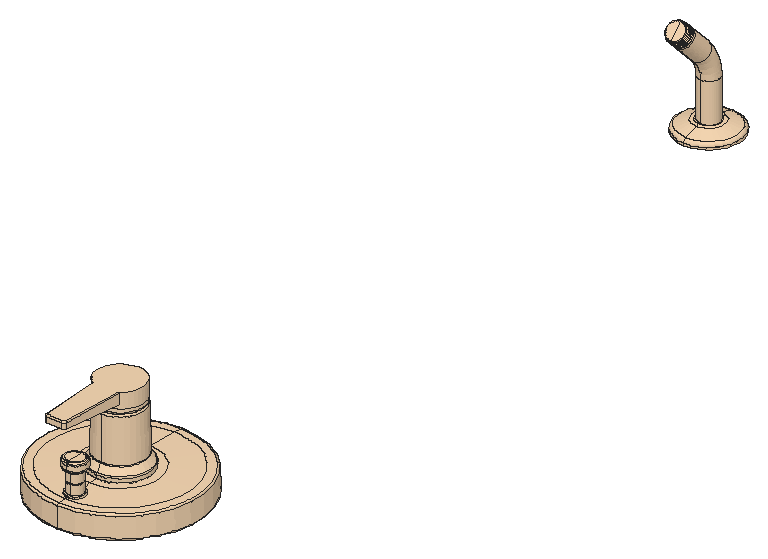
Revit family "Shower-Shower_Trim-KOHLER-Pitch-K-T49989_1", category Plumbing Fixtures, host Face, Revit 2021
Family settings
  Host = Face
  Round Connector Dimension = Use Diameter
  Part Type = Normal
  OmniClass Number = 23.31.17.00
  OmniClass Title = Showers
  Cut with Voids When Loaded = No
  Shared = No
  Room Calculation Point = No
Parameters (values of type "2MB-Vibrant Brushed Moderne Brass")
  Width = 6 3/8"  # constant formula
  WaterSense Certified = 1 = 0  # no
  Waste Water Outlet = "Waste Water Outlet"  # constant formula
  Waste Connection = 1 = 0  # no
  Vent Connection = 1 = 0  # no
  URL = "https://www.us.kohler.com/us/"
  Type = 1
  Tempered Water Inlet = "Tempered Water Inlet"  # constant formula
  Product Page URL = "http://www.us.kohler.com/us/catalog/productDetails.jsp?productNumber=T49989-4L"
  Product Name = "Pitch"  # constant formula
  Product Documentation Link = "https://www.us.kohler.com/webassets/kpna/catalog/pdf/en/K-T49989-4L_spec_US-CA_Kohler_en.pdf"
  Pressure = 0.00 psi
  Model = if(Type = 1, "K-T49989-4L-2MB", if(Type = 2, "K-T49989-4L-BL", if(Type = 3, "K-T49989-4L-BN", if(Type = 4, "K-T49989-4L-CP", "NA"))))  # "K-T49989-4L-2MB"
  Material = "Premium Metal Construction"  # constant formula
  Master Format 2014 Name = "Residential Showers"  # constant formula
  Master Format 2014 = "22 42 23"  # constant formula
  Manufacturer Address = "444 Highland Dr, Kohler, WI 53044"  # constant formula
  Manufacturer = "Kohler Co."  # constant formula
  Length = 4 47/128"  # constant formula
  Hot Water Inlet = "Hot Water Inlet"  # constant formula
  Height = 6 49/128"  # constant formula
  Handle Clearance = 3 45/128"  # constant formula
  HW Connection = 1 = 1  # yes
  Flow Rate = 0 GPM
  Finish = Kohler-Metal-2MB-Vibrant_Brushed_Moderne_Brass
  Environmental Product Declaration = ""
  Drain Included = 1 = 0  # no
  Distance To Showerarm [instance] = 30"
  Description = "Rite Shower Trim With Diverter Less Head"  # constant formula
  Default Elevation = 42"
  Declare Label = ""
  Date Modified = "06/30/2023"  # constant formula
  Date Created = "06/30/2023"  # constant formula
  Copyright = "Copyright Kohler Co."  # constant formula
  Contact Us = "https://www.us.kohler.com/us/static/contact.jsp"
  Cold Water Inlet = "Cold Water Inlet"  # constant formula
  CW Connection = 1 = 0  # no
  Assembly Code = "D2010700"
  ADA Compliant = 1 = 0  # no
Types (5): name | Type | Model | Finish
  (no name) | 1 | "K-T49989-4L-2MB" | Kohler-Metal-2MB-Vibrant_Brushed_Moderne_Brass
  CP-Polished Chrome | 4 | "K-T49989-4L-CP" | Kohler-Metal-CP-Polished_Chrome
  BN-Vibrant Brushed Nickel | 3 | "K-T49989-4L-BN" | Kohler-Metal-BN-Vibrant_Brushed_Nickel
  BL-Matte Black | 2 | "K-T49989-4L-BL" | Kohler-Metal-BL-Matte_Black
  2MB-Vibrant Brushed Moderne Brass | 1 | "K-T49989-4L-2MB" | Kohler-Metal-2MB-Vibrant_Brushed_Moderne_Brass
Reference planes (in)
  plane 1 "Center (Front/Back)": y = 0
  plane 2: z = 0
  plane 3 "Center (Left/Right)": x = 0
  plane 4: y = 30
  plane 5: x = -3.18726
  plane 6: x = 3.18774
  plane 7: y = 31.26138
  plane 8: y = 28.73862
  plane 9: y = 28.0348
  plane 10: x = -1.26138
  plane 11: x = 1.26138
  plane 12: z = 4.11456
  plane 13: y = -2.3
  plane 14: y = 3.19075
  plane 15: y = -3.19206
  plane 16: y = 1.18802
  plane 17: y = -1.18802
  plane 18: y = -1.84689
  plane 19: y = -2.75311
  plane 20: y = -3.35156
  plane 21: y = 28.3069
  plane 22: z = 2.25518
  plane 23: z = 4.63279
  plane 24: x = -0.96195
  plane 25: x = 0.96195
  plane 26: z = 4.36719
Dimensions and locks (in)
  "Distance To Showerarm": plane 4 to plane 1 "Center (Front/Back)"
  plane 18 to plane 13 to plane 19 = 29/64" locked, 29/64" locked
  plane 16 to plane 1 "Center (Front/Back)" to plane 17 = 1.18802" locked, 1.18802" locked
  "Height": plane 15 to plane 14
  "Handle Clearance": plane 1 "Center (Front/Back)" to plane 20
  locked: plane 4 to plane 9 at 1.9652
  locked: plane 4 to plane 21 at 1.6931
  "Width": plane 5 to plane 6
  "Length": plane 26 to level
  plane 7 to plane 4 to plane 8 = 1.26138" locked, 1.26138" locked
  plane 12 to level = 4.11456"
  plane 1 "Center (Front/Back)" to plane 13 = 2.3"
  plane 22 to level = 2.25518"
  aligned and locked: plane 2 to host face
  aligned and locked: level to host face
  aligned and locked: plane 3 "Center (Left/Right)" to nested 1
  aligned and locked: plane 1 "Center (Front/Back)" to nested 1
  aligned and locked: plane 3 "Center (Left/Right)" to nested 2
  aligned and locked: nested 2 to plane 4
Automatic sketch dimensions
  host sketch curve to host sketch curve = 96"  (x2)
Nested families (in)
  nested 1: "K-T49989_Valve_Trim" at (0, 0, 0), type "K-T49989_Valve_Trim"
  nested 2: "K-T49989_Showerarm" at (0, 30, 0), type "K-T49989_Showerarm"
Connectors (in)
  piping at (0, 30, 0), diameter 0.5, driven by "HW Connection", driven by "Tempered Water Inlet"
    settings: on nested 2, index 1, connector inside diameter 24", connector length 0", flow factor 0, pipe flow 0 GPM, pressure drop 0.00 psi, fitting loss kfactor 0, connector angle 0.00°, fixture units 0, engagement length 0", angle of deflection 0.00°, flow configuration 0, flow direction 1, fitting loss method 0, system type 19, joint type 0, gender type 0, connector reference index -1, connector utility 1, adjustable connector no, is connector primary yes, connector description "Tempered Water Inlet"
Definition of nested family "K-T49989_Valve_Trim"
  Parameters
    Material = none
    Default Elevation = 0"
  Reference planes (in)
    plane 1 "Center (Front/Back)": y = 0
    plane 2: z = 0
    plane 3 "Center (Left/Right)": x = 0
    plane 4: z = 4.11456
    plane 5: y = 3.19075
    plane 6: y = -2.3
    plane 7: x = 3.18726
    plane 8: x = -3.18726
    plane 9: y = -1.84689
    plane 10: y = -2.75311
    plane 11: y = 1.18802
    plane 12: y = -1.18802
    plane 13: x = -0.96195
    plane 14: x = 0.96195
    plane 15: z = 2.25518
    plane 16: y = -3.35228
    plane 17: y = -3.19075
    plane 18: z = 0.96384
  Forms (in)
    Revolve 1, solid, material <- "Material", detail levels medium+fine
      sketch origin (0, 0, 0) x (0, 1, 0) y (0, 0, 1)
        loop
          arc (3.17715, 0.84931) -> (3.1583, 0.89426) -> (3.11366, 0.91381) r 0.06561
          arc (3.11366, 0.91381) -> (2.94417, 0.91966) -> (2.77471, 0.92628) r 36.90279
          arc (2.77471, 0.92628) -> (2.16006, 0.94732) -> (1.54518, 0.95951) r 42.80413
          arc (1.54518, 0.95951) -> (1.37453, 0.96148) -> (1.20388, 0.96306) r 75.45229
          arc (1.20388, 0.96306) -> (1.18157, 0.95553) -> (1.1687, 0.9358) r 0.03596
          line (1.1687, 0.9358) -> (1.07595, 0.56382) -> (0, 0.56382) -> (0, 0) -> (3.16037, 0)
          arc (3.16037, 0) -> (3.182, 0.00907) -> (3.19071, 0.03085) r 0.03035
          line (3.19071, 0.03085) -> (3.17715, 0.84931)
        axis (0, 0.96306) -> (0, 0)
      angle from 0 to 360
    Revolve 2, solid, material <- "Material", detail levels medium+fine
      sketch origin (0, 0, 0) x (0, 1, 0) y (0, 0, 1)
        loop
          line (0.95889, 1.46944) -> (0.92826, 3.2243)
          arc (0.92826, 3.2243) -> (0.91356, 3.25851) -> (0.87909, 3.27262) r 0.04918
          line (0.87909, 3.27262) -> (0, 3.27262) -> (0, 0.86084) -> (1.17059, 0.86084) -> (1.18359, 1.10901)
          arc (1.18359, 1.10901) -> (1.18016, 1.13799) -> (1.16726, 1.16416) r 0.08616
          line (1.16726, 1.16416) -> (0.97036, 1.43518)
          arc (0.97036, 1.43518) -> (0.96199, 1.45143) -> (0.95889, 1.46944) r 0.06008
        loop
          line (0.92557, 3.36965) -> (0.92557, 3.52323) -> (0, 3.52323) -> (0, 3.33221) -> (0.88813, 3.33221)
          arc (0.88813, 3.33221) -> (0.91461, 3.34318) -> (0.92557, 3.36965) r 0.03744
        axis (0, 0.86084) -> (0, 3.52323)
      angle from 0 to 360
    Revolve 3, solid, material <- "Material", detail levels medium+fine
      sketch origin (0, 0, 0) x (0, 1, 0) y (0, 0, 1)
        loop
          arc (-1.92458, 0.98408) -> (-1.9325, 1.00319) -> (-1.9516, 1.0111) r 0.02702
          line (-1.9516, 1.0111) -> (-1.99925, 1.0111) -> (-1.99925, 1.3829)
          arc (-1.99925, 1.3829) -> (-2.00502, 1.39736) -> (-2.01915, 1.4039) r 0.02103
          arc (-2.01915, 1.4039) -> (-2.00508, 1.40972) -> (-1.99925, 1.42379) r 0.01989
          line (-1.99925, 1.42379) -> (-1.99925, 1.83028)
          arc (-1.99925, 1.83028) -> (-1.99079, 1.85072) -> (-1.97034, 1.85919) r 0.02892
          line (-1.97034, 1.85919) -> (-1.92403, 1.85919)
          arc (-1.92403, 1.85919) -> (-1.90873, 1.86224) -> (-1.89575, 1.87091) r 0.03999
          line (-1.89575, 1.87091) -> (-1.8616, 1.90506)
          arc (-1.8616, 1.90506) -> (-1.85061, 1.9215) -> (-1.84675, 1.94089) r 0.05067
          line (-1.84675, 1.94089) -> (-1.84675, 2.15721)
          arc (-1.84675, 2.15721) -> (-1.85019, 2.17448) -> (-1.85998, 2.18913) r 0.04514
          line (-1.85998, 2.18913) -> (-1.91223, 2.24138)
          arc (-1.91223, 2.24138) -> (-1.92701, 2.25125) -> (-1.94444, 2.25472) r 0.04555
          line (-1.94444, 2.25472) -> (-2.3, 2.25472) -> (-2.3, 0.81425) -> (-1.92458, 0.81425) -> (-1.92458, 0.98408)
        axis (-2.3, 0.81425) -> (-2.3, 2.25472)
      angle from 0 to 360
    Extrusion 4, solid, material <- "Material", detail levels medium+fine
      sketch origin (0, 0, 0) x (1, 0, 0) y (0, 1, 0)
        loop
          circle (0, 0) r 0.92557
      from 3.52323 to 4.1154
    Sweep 5, solid, material <- "Material", detail levels medium+fine
      path origin (0, 0, 0) x (1, 0, 0) y (0, 1, 0)
        loop
          line (-0.53438, -0.44246) -> (-0.4082, -3.25826)
          arc (-0.4082, -3.25826) -> (-0.37789, -3.32499) -> (-0.30987, -3.35228) r 0.09843
          line (-0.30987, -3.35228) -> (0.31022, -3.35228)
          arc (0.31022, -3.35228) -> (0.37782, -3.32539) -> (0.40849, -3.25942) r 0.09843
          line (0.40849, -3.25942) -> (0.56808, -0.44246)
      profile origin (0.00017, -3.35228, 0) x (0, -1, 0) y (0, 0, 1)
        loop
          arc (0, 4.07818) -> (-0.0109, 4.1045) -> (-0.03723, 4.1154) r 0.03723
          line (-0.03723, 4.1154) -> (-0.06812, 4.1154) -> (-0.06812, 3.65267) -> (0, 3.65267) -> (0, 4.07818)
    Sweep 6, void
      path origin (0, 0, 0) x (0, 1, 0) y (0, 0, 1)
        loop
          line (-4.00661, 3.90833) -> (0.3241, 3.6055)
      profile origin (0, -1.84125, 3.75691) x (0, 0.069756, 0.997564) y (1, 0, 0)
        loop
          line (-0.28134, -0.55601) -> (0, -0.55601) -> (0, 0.55601) -> (-0.28134, 0.55601) -> (-0.28134, -0.55601)
    Extrusion 7, solid, material <- "Material", detail levels medium+fine
      sketch origin (0, 0, 0) x (1, 0, 0) y (0, 1, 0)
        loop
          arc (0.31022, -3.28416) -> (0.33103, -3.27588) -> (0.34048, -3.25557) r 0.03031
          line (0.34048, -3.25557) -> (0.50007, -0.43861) -> (-0.46636, -0.43861) -> (-0.34015, -3.25521)
          arc (-0.34015, -3.25521) -> (-0.33082, -3.27576) -> (-0.30987, -3.28416) r 0.03031
          line (-0.30987, -3.28416) -> (0.31022, -3.28416)
      from 3.65267 to 4.1154
    Revolve 8, solid, detail levels medium+fine
      sketch origin (0, 0, 0) x (0, 1, 0) y (0, 0, 1)
        loop
          line (0.405, 3.31067) -> (0, 3.31067) -> (0, 3.27067) -> (0.405, 3.27067) -> (0.405, 3.31067)
        axis (0, 3.27067) -> (0, 3.31067)
      angle from 0 to 360
    Extrusion 9, solid, material <- "Material", detail levels medium+fine
      sketch origin (0, 0, 0) x (1, 0, 0) y (0, 1, 0)
        loop
          arc (0.30488, 0.20005) -> (0.27475, 0.2728) -> (0.202, 0.30293) r 0.10287
          line (0.202, 0.30293) -> (-0.20012, 0.30293)
          arc (-0.20012, 0.30293) -> (-0.27348, 0.27254) -> (-0.30387, 0.19918) r 0.10375
          line (-0.30387, 0.19918) -> (-0.30387, -0.19648)
          arc (-0.30387, -0.19648) -> (-0.27234, -0.27259) -> (-0.19622, -0.30412) r 0.10764
          line (-0.19622, -0.30412) -> (0.19413, -0.30412)
          arc (0.19413, -0.30412) -> (0.27244, -0.27168) -> (0.30488, -0.19338) r 0.11074
          line (0.30488, -0.19338) -> (0.30488, 0.20005)
      from 3.31067 to 3.4014
    Extrusion 10, solid, material <- "Material", detail levels coarse
      sketch origin (0, 0, 0) x (1, 0, 0) y (0, 1, 0)
        loop
          circle (0, 0) r 3.18726
      from 0 to 0.97279
    Revolve 11, solid, material <- "Material", detail levels coarse
      sketch origin (0, 0, 0) x (0, 1, 0) y (0, 0, 1)
        loop
          line (0.00135, 4.1154) -> (0.00135, 0.97279) -> (1.21783, 0.97279) -> (1.21783, 1.21236) -> (1.02098, 1.7532) -> (1.02098, 4.1154) -> (0.00135, 4.1154)
        axis (0.00135, 0.97279) -> (0.00135, 4.1154)
      angle from 0 to 360
    Extrusion 12, solid, material <- "Material", detail levels coarse
      sketch origin (0, 0, 0) x (1, 0, 0) y (0, 1, 0)
        loop
          line (0.40323, -3.35228) -> (0.55102, -0.74368) -> (-0.52088, -0.74368) -> (-0.40399, -3.35228) -> (0.40323, -3.35228)
      from 3.6703 to 4.1154
    Revolve 13, solid, material <- "Material", detail levels coarse
      sketch origin (0, 0, 0) x (0, 1, 0) y (0, 0, 1)
        loop
          line (-2.3, 0.97279) -> (-1.83536, 0.97279) -> (-1.83536, 2.25575) -> (-2.3, 2.25575) -> (-2.3, 0.97279)
        axis (-2.3, 0.97279) -> (-2.3, 2.25575)
      angle from 0 to 360
    Revolve 14, void
      sketch origin (0, 0, 0) x (0, 1, 0) y (0, 0, 1)
        loop
          line (-1.91843, 0.98408) -> (-2.3, 0.98408) -> (-2.3, 0.81425) -> (-1.91843, 0.81425) -> (-1.91843, 0.98408)
        axis (-2.3, 0.81425) -> (-2.3, 0.98408)
      angle from 0 to 360
  Cuts and joins
    Sweep 6 cuts Sweep 5
    Sweep 6 cuts Extrusion 7
    joined: Revolve 2, Extrusion 4, Sweep 5, Extrusion 7
    joined: Extrusion 10, Revolve 11, Extrusion 12, Revolve 13
    Revolve 14 cuts Revolve 1
  Lines and regions (in)
    Masking region 1
      outline origin (0, 0, 0) x (1, 0, 0) y (0, 0, 1)
        loop
          arc (-3.1062, 0.91796) -> (-3.15595, 0.89556) -> (-3.17676, 0.84513) r 0.07389
          line (-3.17676, 0.84513) -> (-3.18748, 0.03795)
          arc (-3.18748, 0.03795) -> (-3.17668, 0.01115) -> (-3.15002, 0) r 0.03745
          line (-3.15002, 0) -> (3.15002, 0)
          arc (3.15002, 0) -> (3.17668, 0.01115) -> (3.18748, 0.03795) r 0.03745
          line (3.18748, 0.03795) -> (3.17676, 0.84513)
          arc (3.17676, 0.84513) -> (3.15595, 0.89556) -> (3.1062, 0.91796) r 0.07389
          arc (3.1062, 0.91796) -> (2.14153, 0.95178) -> (1.17638, 0.96644) r 48.64321
          line (1.17638, 0.96644) -> (1.1846, 1.1011)
          arc (1.1846, 1.1011) -> (1.18008, 1.14072) -> (1.16228, 1.17642) r 0.11486
          line (1.16228, 1.17642) -> (0.97574, 1.42849)
          arc (0.97574, 1.42849) -> (0.96353, 1.45181) -> (0.95902, 1.47774) r 0.08529
          line (0.95902, 1.47774) -> (0.92859, 3.22086)
          arc (0.92859, 3.22086) -> (0.91293, 3.25733) -> (0.87619, 3.27236) r 0.05241
          line (0.87619, 3.27236) -> (0.40563, 3.27236) -> (0.40563, 3.31067) -> (0.30447, 3.31067) -> (0.33055, 3.33254) -> (0.8842, 3.33254)
          arc (0.8842, 3.33254) -> (0.91371, 3.34477) -> (0.92594, 3.37429) r 0.04174
          line (0.92594, 3.37429) -> (0.92594, 4.09129)
          arc (0.92594, 4.09129) -> (0.91912, 4.10775) -> (0.90267, 4.11456) r 0.02327
          line (0.90267, 4.11456) -> (-0.90027, 4.11456)
          arc (-0.90027, 4.11456) -> (-0.91842, 4.10705) -> (-0.92594, 4.0889) r 0.02566
          line (-0.92594, 4.0889) -> (-0.92594, 3.37429)
          arc (-0.92594, 3.37429) -> (-0.91371, 3.34477) -> (-0.8842, 3.33254) r 0.04174
          line (-0.8842, 3.33254) -> (-0.33055, 3.33254) -> (-0.30447, 3.31067) -> (-0.40563, 3.31067) -> (-0.40563, 3.27236) -> (-0.87619, 3.27236)
          arc (-0.87619, 3.27236) -> (-0.91293, 3.25733) -> (-0.92859, 3.22086) r 0.05241
          line (-0.92859, 3.22086) -> (-0.95902, 1.47774)
          arc (-0.95902, 1.47774) -> (-0.96353, 1.45181) -> (-0.97574, 1.42849) r 0.08529
          line (-0.97574, 1.42849) -> (-1.16228, 1.17642)
          arc (-1.16228, 1.17642) -> (-1.18008, 1.14072) -> (-1.1846, 1.1011) r 0.11486
          line (-1.1846, 1.1011) -> (-1.17638, 0.96644)
          arc (-1.17638, 0.96644) -> (-2.14153, 0.95178) -> (-3.1062, 0.91796) r 48.64321
    Masking region 2
      outline origin (0, 0, 0) x (0, 1, 0) y (0, 0, 1)
        loop
          arc (0.92557, 4.07519) -> (0.91404, 4.10303) -> (0.8862, 4.11456) r 0.03937
          line (0.8862, 4.11456) -> (-3.31445, 4.11456)
          arc (-3.31445, 4.11456) -> (-3.3412, 4.10348) -> (-3.35228, 4.07673) r 0.03784
          line (-3.35228, 4.07673) -> (-3.35228, 3.90868)
          arc (-3.35228, 3.90868) -> (-3.339, 3.87496) -> (-3.30629, 3.85936) r 0.04945
          line (-3.30629, 3.85936) -> (-1.10869, 3.70569)
          arc (-1.10869, 3.70569) -> (-0.97846, 3.64357) -> (-0.92557, 3.50932) r 0.19685
          line (-0.92557, 3.50932) -> (-0.92557, 3.36681)
          arc (-0.92557, 3.36681) -> (-0.91546, 3.34239) -> (-0.89104, 3.33228) r 0.03453
          line (-0.89104, 3.33228) -> (-0.34035, 3.33228) -> (-0.30293, 3.31067) -> (-0.405, 3.31067) -> (-0.405, 3.27241) -> (-0.87909, 3.27241)
          arc (-0.87909, 3.27241) -> (-0.91549, 3.25752) -> (-0.93101, 3.22139) r 0.05193
          line (-0.93101, 3.22139) -> (-0.96157, 1.4707)
          arc (-0.96157, 1.4707) -> (-0.9656, 1.44785) -> (-0.97649, 1.42737) r 0.07415
          line (-0.97649, 1.42737) -> (-1.16238, 1.18068)
          arc (-1.16238, 1.18068) -> (-1.18296, 1.1394) -> (-1.18738, 1.09349) r 0.12655
          line (-1.18738, 1.09349) -> (-1.17584, 0.96151)
          arc (-1.17584, 0.96151) -> (-1.54932, 0.95971) -> (-1.92276, 0.95423) r 37.89133
          line (-1.92276, 0.95423) -> (-1.92276, 0.98628)
          arc (-1.92276, 0.98628) -> (-1.93003, 1.00383) -> (-1.94758, 1.0111) r 0.02482
          line (-1.94758, 1.0111) -> (-1.99925, 1.0111) -> (-1.99925, 1.38275)
          arc (-1.99925, 1.38275) -> (-2.00545, 1.3977) -> (-2.02041, 1.4039) r 0.02115
          arc (-2.02041, 1.4039) -> (-2.00555, 1.40908) -> (-1.99925, 1.4235) r 0.01966
          line (-1.99925, 1.4235) -> (-1.99925, 1.8284)
          arc (-1.99925, 1.8284) -> (-1.9903, 1.85001) -> (-1.96869, 1.85896) r 0.03056
          line (-1.96869, 1.85896) -> (-1.92763, 1.85896)
          arc (-1.92763, 1.85896) -> (-1.90918, 1.86263) -> (-1.89354, 1.87308) r 0.04822
          line (-1.89354, 1.87308) -> (-1.86162, 1.905)
          arc (-1.86162, 1.905) -> (-1.85072, 1.92132) -> (-1.84689, 1.94057) r 0.05031
          line (-1.84689, 1.94057) -> (-1.84689, 2.15619)
          arc (-1.84689, 2.15619) -> (-1.85057, 2.17472) -> (-1.86107, 2.19043) r 0.04842
          line (-1.86107, 2.19043) -> (-1.91071, 2.24008)
          arc (-1.91071, 2.24008) -> (-1.92745, 2.25126) -> (-1.94718, 2.25518) r 0.05158
          line (-1.94718, 2.25518) -> (-2.65282, 2.25518)
          arc (-2.65282, 2.25518) -> (-2.67255, 2.25126) -> (-2.68929, 2.24008) r 0.05158
          line (-2.68929, 2.24008) -> (-2.73893, 2.19043)
          arc (-2.73893, 2.19043) -> (-2.74943, 2.17472) -> (-2.75311, 2.15619) r 0.04842
          line (-2.75311, 2.15619) -> (-2.75311, 1.94057)
          arc (-2.75311, 1.94057) -> (-2.74928, 1.92132) -> (-2.73838, 1.905) r 0.05031
          line (-2.73838, 1.905) -> (-2.70646, 1.87308)
          arc (-2.70646, 1.87308) -> (-2.69082, 1.86263) -> (-2.67237, 1.85896) r 0.04822
          line (-2.67237, 1.85896) -> (-2.63131, 1.85896)
          arc (-2.63131, 1.85896) -> (-2.6097, 1.85001) -> (-2.60075, 1.8284) r 0.03056
          line (-2.60075, 1.8284) -> (-2.60075, 1.4235)
          arc (-2.60075, 1.4235) -> (-2.59445, 1.40908) -> (-2.57959, 1.4039) r 0.01966
          arc (-2.57959, 1.4039) -> (-2.59455, 1.3977) -> (-2.60075, 1.38275) r 0.02115
          line (-2.60075, 1.38275) -> (-2.60075, 1.0111) -> (-2.65242, 1.0111)
          arc (-2.65242, 1.0111) -> (-2.66997, 1.00383) -> (-2.67724, 0.98628) r 0.02482
          line (-2.67724, 0.98628) -> (-2.67724, 0.93059) -> (-3.11292, 0.91537)
          arc (-3.11292, 0.91537) -> (-3.15924, 0.89498) -> (-3.17877, 0.84829) r 0.06825
          line (-3.17877, 0.84829) -> (-3.19214, 0.03078)
          arc (-3.19214, 0.03078) -> (-3.18345, 0.00905) -> (-3.16186, 0) r 0.03029
          line (-3.16186, 0) -> (3.16646, 0)
          arc (3.16646, 0) -> (3.18392, 0.00731) -> (3.19095, 0.02488) r 0.0245
          line (3.19095, 0.02488) -> (3.17818, 0.83954)
          arc (3.17818, 0.83954) -> (3.15599, 0.89324) -> (3.1031, 0.9173) r 0.0791
          arc (3.1031, 0.9173) -> (2.13998, 0.95397) -> (1.17624, 0.96613) r 37.89133
          line (1.17624, 0.96613) -> (1.18738, 1.09349)
          arc (1.18738, 1.09349) -> (1.18296, 1.1394) -> (1.16238, 1.18068) r 0.12655
          line (1.16238, 1.18068) -> (0.97649, 1.42737)
          arc (0.97649, 1.42737) -> (0.9656, 1.44785) -> (0.96157, 1.4707) r 0.07415
          line (0.96157, 1.4707) -> (0.93101, 3.22139)
          arc (0.93101, 3.22139) -> (0.91549, 3.25752) -> (0.87909, 3.27241) r 0.05193
          line (0.87909, 3.27241) -> (0.405, 3.27241) -> (0.405, 3.31067) -> (0.30293, 3.31067) -> (0.34035, 3.33228) -> (0.89104, 3.33228)
          arc (0.89104, 3.33228) -> (0.91546, 3.34239) -> (0.92557, 3.36681) r 0.03453
          line (0.92557, 3.36681) -> (0.92557, 4.07519)
    Masking region 3
      outline origin (0, 0, 0) x (1, 0, 0) y (0, 1, 0)
        loop
          arc (0.41411, -3.16025) -> (-0.00077, 3.18726) -> (-0.41258, -3.16044) r 3.18726
          line (-0.41258, -3.16044) -> (-0.4082, -3.25826)
          arc (-0.4082, -3.25826) -> (-0.37789, -3.32499) -> (-0.30987, -3.35228) r 0.09843
          line (-0.30987, -3.35228) -> (0.31022, -3.35228)
          arc (0.31022, -3.35228) -> (0.37782, -3.32539) -> (0.40849, -3.25942) r 0.09843
          line (0.40849, -3.25942) -> (0.41411, -3.16025)
    symbolic lines, detail levels medium+fine
      curve 1: line (0, 0.34035, 3.33228) -> (0, -0.34035, 3.33228)
      curve 2: line (0, 0.30293, 3.31067) -> (0, -0.30293, 3.31067)
      curve 3: line (0, 0.405, 3.27241) -> (0, -0.405, 3.27241)
      curve 4: line (0, 1.17624, 0.96613) -> (0, -1.17584, 0.96151)
      curve 5: line (0, -1.92276, 0.95423) -> (0, -2.67724, 0.93059)
      curve 6: line (0, -2.60075, 1.0111) -> (0, -1.99925, 1.0111)
      curve 7: line (0, -2.02041, 1.4039) -> (0, -2.57959, 1.4039)
      curve 8: line (0, -1.96869, 1.85896) -> (0, -2.63131, 1.85896)
      curve 9: line (0, -3.35228, 3.90868) -> (0, -0.90142, 3.7991)
      curve 10: line (0, 0.96157, 1.4707) -> (0, -0.96157, 1.4707)
      curve 11: line (0, 1.16238, 1.18068) -> (0, -1.16238, 1.18068)
      curve 12: line (0, -1.86107, 2.19043) -> (0, -2.73893, 2.19043)
      curve 13: line (0, -1.86162, 1.905) -> (0, -2.73838, 1.905)
      curve 14: line (0, -3.11292, 0.91537) -> (0, 3.1031, 0.9173)
      curve 15: line (0, 3.17818, 0.83954) -> (0, -3.17891, 0.83954)
      curve 16: line (-3.1062, 0, 0.91796) -> (3.1062, 0, 0.91796)
      curve 17: line (3.17676, 0, 0.84513) -> (-3.17676, 0, 0.84513)
      curve 18: line (-1.17638, 0, 0.96644) -> (1.17638, 0, 0.96644)
      curve 19: line (-1.16228, 0, 1.17642) -> (1.16228, 0, 1.17642)
      curve 20: line (-0.95902, 0, 1.47774) -> (0.95902, 0, 1.47774)
      curve 21: line (-0.33055, 0, 3.33254) -> (0.33055, 0, 3.33254)
      curve 22: line (-0.30447, 0, 3.31067) -> (0.30488, 0, 3.31067)
      curve 23: line (0.40563, 0, 3.27236) -> (-0.40563, 0, 3.27236)
      curve 24: line (0, -0.77094, 4.1154) -> (0, -0.77094, 3.72215)
      curve 25: line (0, -0.77094, 3.72215) -> (0, -0.9324, 3.5607)
      curve 26: line (0, -0.90142, 4.11456) -> (0, -0.90142, 3.7991)
      curve 27: line (0, -0.90142, 3.7991) -> (0, -1.10869, 3.70569)
      curve 28: line (0, -0.77094, 3.72215) -> (0, -0.90142, 3.7991)
      curve 29: line (0, -3.31445, 4.11456) -> (0, -3.30629, 3.85936)
      curve 30: arc (-0.50692, -1.05513, 0) -> (-0.01519, 1.17049, 0) -> (0.53414, -1.04162, 0) r 1.17059
      curve 31: arc (0.57839, -0.7226, 0) -> (-0.01789, 0.9254, 0) -> (-0.55004, -0.74441, 0) r 0.92557
      curve 32: arc (-0.51808, -0.80609, 0) -> (-0.01839, 0.95805, 0) -> (0.54864, -0.78561, 0) r 0.95822
      curve 33: line (-0.41258, -3.16044, 0) -> (-0.51817, -0.80421, 0)
      curve 34: line (0.41411, -3.16025, 0) -> (0.54898, -0.77962, 0)
      curve 35: arc (-0.55004, -0.74441, 0) -> (-0.52734, -0.77071, 0) -> (-0.51817, -0.80421, 0) r 0.07874
      curve 36: arc (-0.50353, -1.13094, 0) -> (-0.01443, 1.23788, 0) -> (0.52976, -1.11889, 0) r 1.23796
      curve 37: arc (0.54898, -0.77962, 0) -> (0.55761, -0.74798, 0) -> (0.57839, -0.7226, 0) r 0.07874
      curve 38: arc (-0.41682, -3.06578, 0) -> (-0.00134, 3.09399, 0) -> (0.41948, -3.06542, 0) r 3.09399
  Dimensions and locks (in)
    plane 4 to level = 4.11456"
    plane 1 "Center (Front/Back)" to plane 17 = 3.19075"
    aligned and locked: plane 2 to level
Definition of nested family "K-T49989_Showerarm"
  Parameters (values of type "K-T49989_Showerarm")
    Material = none
    Default Elevation = 0"
  Reference planes (in)
    plane 1 "Center (Front/Back)": y = 0
    plane 2: z = 0
    plane 3 "Center (Left/Right)": x = 0
    plane 4: through (0, -1.75213, 4.42607) normal (0, 0.7071, 0.7071)
    plane 5: through (0, -2.85085, 3.20927) normal (0, 0.7071, -0.7071)
    plane 6: y = -1.26138
    plane 7: y = 1.26138
    plane 8: x = 1.26138
    plane 9: x = -1.26138
    plane 10: z = 0.44076
    plane 11: x = 1.77732
    plane 12: x = -1.77732
    plane 13: y = -1.6931
    plane 14: z = 4.63279
    plane 15: y = -1.9652
  Forms (in)
    Revolve 1, solid, material <- "Material", detail levels medium+fine
      sketch origin (0, 0, 0) x (0, 1, 0) y (0, 0, 1)
        loop
          line (0, 0) -> (1.26138, 0) -> (1.26138, 0.08265)
          arc (1.26138, 0.08265) -> (1.23098, 0.17762) -> (1.15108, 0.23728) r 0.16354
          line (1.15108, 0.23728) -> (0.62563, 0.41821)
          arc (0.62563, 0.41821) -> (0.55942, 0.43502) -> (0.49134, 0.44068) r 0.41249
          line (0.49134, 0.44068) -> (0, 0.44068) -> (0, 0)
        axis (0, 0) -> (0, 0.44068)
      angle from 0 to 360
    Sweep 2, solid, material <- "Material", detail levels medium+fine
      path origin (0, 0, 0) x (0, 1, 0) y (0, 0, 1)
        loop
          line (-1.3013, 3.97524) -> (-0.46125, 3.13519)
          arc (-0.46125, 3.13519) -> (-0.11987, 2.62429) -> (0, 2.02164) r 1.5748
          line (0, 2.02164) -> (0, 0.38748)
      profile origin (0, -0.88128, 3.55522) x (0, 0.707107, 0.707107) y (1, 0, 0)
        loop
          circle (0, 0) r 0.40503
    Revolve 3, solid, material <- "Material", detail levels coarse
      sketch origin (0, 0, 0) x (0, 1, 0) y (0, 0, 1)
        loop
          line (0, 0) -> (1.26138, 0) -> (1.26138, 0.44076) -> (0, 0.44076) -> (0, 0)
        axis (0, 0) -> (0, 0.44076)
      angle from 0 to 360
    Revolve 4, solid, material <- "Material", detail levels medium+fine
      sketch origin (0, 0, 0) x (0, 1, 0) y (0, 0, 1)
        loop
          line (-1.0149, 4.26164) -> (-1.06512, 4.31186) -> (-1.09966, 4.29929)
          arc (-1.09966, 4.29929) -> (-1.11429, 4.30187) -> (-1.11938, 4.31583) r 0.01486
          line (-1.11938, 4.31583) -> (-1.11037, 4.36691) -> (-1.15188, 4.3518)
          arc (-1.15188, 4.3518) -> (-1.1673, 4.35486) -> (-1.1717, 4.36996) r 0.01515
          line (-1.1717, 4.36996) -> (-1.16212, 4.40568) -> (-1.19882, 4.39585)
          arc (-1.19882, 4.39585) -> (-1.21319, 4.3997) -> (-1.21704, 4.41406) r 0.01487
          line (-1.21704, 4.41406) -> (-1.2072, 4.45076) -> (-1.24639, 4.44385)
          arc (-1.24639, 4.44385) -> (-1.26184, 4.44865) -> (-1.2669, 4.46401) r 0.01766
          line (-1.2669, 4.46401) -> (-1.2596, 4.51013) -> (-1.29764, 4.49628)
          arc (-1.29764, 4.49628) -> (-1.3138, 4.49906) -> (-1.31961, 4.51439) r 0.01652
          line (-1.31961, 4.51439) -> (-1.31294, 4.55649) -> (-1.35325, 4.54966)
          arc (-1.35325, 4.54966) -> (-1.36742, 4.55421) -> (-1.37187, 4.56842) r 0.01617
          line (-1.37187, 4.56842) -> (-1.36483, 4.60838) -> (-1.40165, 4.59121)
          arc (-1.40165, 4.59121) -> (-1.41774, 4.59437) -> (-1.41965, 4.61065) r 0.01391
          arc (-1.41965, 4.61065) -> (-1.42251, 4.62448) -> (-1.4366, 4.62352) r 0.01074
          line (-1.4366, 4.62352) -> (-1.69309, 4.36703) -> (-1.3013, 3.97524) -> (-1.0149, 4.26164)
        axis (-1.3013, 3.97524) -> (-1.69309, 4.36703)
      angle from 0 to 360
    Sweep 5, solid, material <- "Material", detail levels coarse
      path origin (0, 0, 0) x (0, 1, 0) y (0, 0, 1)
        loop
          line (-1.69312, 4.36707) -> (-0.46125, 3.13519)
          arc (-0.46125, 3.13519) -> (-0.11987, 2.62429) -> (0, 2.02164) r 1.5748
          line (0, 2.02164) -> (0, 0.38748)
      profile origin (0, -1.07719, 3.75113) x (0, 0.707107, 0.707107) y (1, 0, 0)
        loop
          circle (0, 0) r 0.42126
  Cuts and joins
    joined: Sweep 2, Revolve 4
  Lines and regions (in)
    Masking region 1
      outline origin (0, 0, 0) x (0, 1, 0) y (0, 0, 1)
        loop
          line (1.26138, 0) -> (1.26138, 0.0888)
          arc (1.26138, 0.0888) -> (1.23036, 0.18427) -> (1.14915, 0.24327) r 0.16242
          line (1.14915, 0.24327) -> (0.62135, 0.42174)
          arc (0.62135, 0.42174) -> (0.5643, 0.43598) -> (0.50569, 0.44076) r 0.36109
          line (0.50569, 0.44076) -> (0.40568, 0.44076) -> (0.40568, 2.02568)
          arc (0.40568, 2.02568) -> (0.25583, 2.779) -> (-0.17089, 3.41763) r 1.9685
          line (-0.17089, 3.41763) -> (-1.06512, 4.31186) -> (-1.09828, 4.29979)
          arc (-1.09828, 4.29979) -> (-1.11375, 4.30252) -> (-1.11912, 4.31727) r 0.01571
          line (-1.11912, 4.31727) -> (-1.11037, 4.36691) -> (-1.15311, 4.35135)
          arc (-1.15311, 4.35135) -> (-1.16783, 4.35428) -> (-1.17203, 4.36869) r 0.01447
          line (-1.17203, 4.36869) -> (-1.16212, 4.40568) -> (-1.19746, 4.39621)
          arc (-1.19746, 4.39621) -> (-1.21261, 4.40027) -> (-1.21667, 4.41542) r 0.01569
          line (-1.21667, 4.41542) -> (-1.2072, 4.45076) -> (-1.24554, 4.444)
          arc (-1.24554, 4.444) -> (-1.26185, 4.44911) -> (-1.2671, 4.46537) r 0.01858
          line (-1.2671, 4.46537) -> (-1.2596, 4.51013) -> (-1.2973, 4.49641)
          arc (-1.2973, 4.49641) -> (-1.31397, 4.49931) -> (-1.31986, 4.51517) r 0.01699
          line (-1.31986, 4.51517) -> (-1.31294, 4.55649) -> (-1.35186, 4.54963)
          arc (-1.35186, 4.54963) -> (-1.36666, 4.55426) -> (-1.37142, 4.56902) r 0.01686
          line (-1.37142, 4.56902) -> (-1.36483, 4.60838) -> (-1.40285, 4.59065)
          arc (-1.40285, 4.59065) -> (-1.41909, 4.59428) -> (-1.41974, 4.61092) r 0.01365
          arc (-1.41974, 4.61092) -> (-1.42153, 4.625) -> (-1.43572, 4.6244) r 0.01049
          line (-1.43572, 4.6244) -> (-1.94838, 4.11174) -> (-1.9652, 4.07568) -> (-1.92584, 4.08227)
          arc (-1.92584, 4.08227) -> (-1.91108, 4.07751) -> (-1.90645, 4.06271) r 0.01686
          line (-1.90645, 4.06271) -> (-1.91331, 4.02379) -> (-1.87199, 4.03071)
          arc (-1.87199, 4.03071) -> (-1.85613, 4.02482) -> (-1.85322, 4.00815) r 0.01699
          line (-1.85322, 4.00815) -> (-1.86694, 3.97045) -> (-1.82219, 3.97795)
          arc (-1.82219, 3.97795) -> (-1.80592, 3.9727) -> (-1.80082, 3.95639) r 0.01858
          line (-1.80082, 3.95639) -> (-1.80758, 3.91805) -> (-1.77224, 3.92752)
          arc (-1.77224, 3.92752) -> (-1.75709, 3.92346) -> (-1.75303, 3.90831) r 0.01569
          line (-1.75303, 3.90831) -> (-1.7625, 3.87297) -> (-1.72551, 3.88288)
          arc (-1.72551, 3.88288) -> (-1.7111, 3.87868) -> (-1.70817, 3.86396) r 0.01447
          line (-1.70817, 3.86396) -> (-1.72372, 3.82122) -> (-1.67409, 3.82997)
          arc (-1.67409, 3.82997) -> (-1.65933, 3.8246) -> (-1.65661, 3.80913) r 0.01571
          line (-1.65661, 3.80913) -> (-1.67032, 3.77146) -> (-0.75161, 2.85275)
          arc (-0.75161, 2.85275) -> (-0.49558, 2.46958) -> (-0.40568, 2.01759) r 1.1811
          line (-0.40568, 2.01759) -> (-0.40568, 0.44076) -> (-0.50569, 0.44076)
          arc (-0.50569, 0.44076) -> (-0.5643, 0.43598) -> (-0.62135, 0.42174) r 0.36109
          line (-0.62135, 0.42174) -> (-1.14915, 0.24327)
          arc (-1.14915, 0.24327) -> (-1.23036, 0.18427) -> (-1.26138, 0.0888) r 0.16242
          line (-1.26138, 0.0888) -> (-1.26138, 0) -> (1.26138, 0)
    Masking region 2
      outline origin (0, 0, 0) x (1, 0, 0) y (0, 0, 1)
        loop
          line (0.40503, 0.44076) -> (0.40503, 4.02241)
          spline (0.40503, 4.02241) -> (0.40737, 4.03227) -> (0.40924, 4.04218) -> (0.41062, 4.05212) -> (0.41151, 4.0621) -> (0.41193, 4.07209) -> (0.41186, 4.08208) -> (0.4113, 4.09207) -> (0.41026, 4.10203) -> (0.40874, 4.11197) -> (0.40673, 4.12186) -> (0.40425, 4.1317) -> (0.40129, 4.14148)
          spline (0.40129, 4.14148) -> (0.40162, 4.14435) -> (0.40191, 4.14722) -> (0.40215, 4.1501) -> (0.40236, 4.15297) -> (0.40252, 4.15585) -> (0.40265, 4.15873) -> (0.40273, 4.16161) -> (0.40277, 4.16449) -> (0.40277, 4.16737) -> (0.40273, 4.17026) -> (0.40265, 4.17314) -> (0.40253, 4.17602)
          spline (0.40253, 4.17602) -> (0.40409, 4.18353) -> (0.40538, 4.19107) -> (0.40639, 4.19864) -> (0.40711, 4.20622) -> (0.40755, 4.21381) -> (0.40771, 4.2214) -> (0.40758, 4.229) -> (0.40717, 4.23659) -> (0.40648, 4.24417) -> (0.40551, 4.25174) -> (0.40425, 4.25928) -> (0.40272, 4.2668)
          spline (0.40272, 4.2668) -> (0.40277, 4.26937) -> (0.40278, 4.27194) -> (0.40276, 4.27452) -> (0.40271, 4.27709) -> (0.40262, 4.27966) -> (0.4025, 4.28223) -> (0.40235, 4.2848) -> (0.40217, 4.28737) -> (0.40195, 4.28994) -> (0.4017, 4.2925) -> (0.40142, 4.29507) -> (0.4011, 4.29763)
          spline (0.4011, 4.29763) -> (0.40252, 4.3134) -> (0.4027, 4.32919) -> (0.40164, 4.34498) -> (0.39934, 4.36069) -> (0.39582, 4.37629) -> (0.39108, 4.39173) -> (0.38513, 4.40696) -> (0.378, 4.42193) -> (0.3697, 4.4366) -> (0.36027, 4.45092) -> (0.34973, 4.46485) -> (0.33811, 4.47835)
          arc (0.33811, 4.47835) -> (0, 4.62721) -> (-0.33811, 4.47835) r 0.45841
          spline (-0.33811, 4.47835) -> (-0.34973, 4.46485) -> (-0.36027, 4.45092) -> (-0.3697, 4.4366) -> (-0.378, 4.42193) -> (-0.38513, 4.40696) -> (-0.39108, 4.39173) -> (-0.39582, 4.37629) -> (-0.39934, 4.36069) -> (-0.40164, 4.34498) -> (-0.4027, 4.32919) -> (-0.40252, 4.3134) -> (-0.4011, 4.29763)
          spline (-0.4011, 4.29763) -> (-0.40142, 4.29507) -> (-0.4017, 4.2925) -> (-0.40195, 4.28994) -> (-0.40217, 4.28737) -> (-0.40235, 4.2848) -> (-0.4025, 4.28223) -> (-0.40262, 4.27966) -> (-0.40271, 4.27709) -> (-0.40276, 4.27452) -> (-0.40278, 4.27194) -> (-0.40277, 4.26937) -> (-0.40272, 4.2668)
          spline (-0.40272, 4.2668) -> (-0.40425, 4.25928) -> (-0.40551, 4.25174) -> (-0.40648, 4.24417) -> (-0.40717, 4.23659) -> (-0.40758, 4.229) -> (-0.40771, 4.2214) -> (-0.40755, 4.21381) -> (-0.40711, 4.20622) -> (-0.40639, 4.19864) -> (-0.40538, 4.19107) -> (-0.40409, 4.18353) -> (-0.40253, 4.17602)
          spline (-0.40253, 4.17602) -> (-0.40265, 4.17314) -> (-0.40273, 4.17026) -> (-0.40277, 4.16737) -> (-0.40277, 4.16449) -> (-0.40273, 4.16161) -> (-0.40265, 4.15873) -> (-0.40252, 4.15585) -> (-0.40236, 4.15297) -> (-0.40215, 4.1501) -> (-0.40191, 4.14722) -> (-0.40162, 4.14435) -> (-0.40129, 4.14148)
          spline (-0.40129, 4.14148) -> (-0.40425, 4.1317) -> (-0.40673, 4.12186) -> (-0.40874, 4.11197) -> (-0.41026, 4.10203) -> (-0.4113, 4.09207) -> (-0.41186, 4.08208) -> (-0.41193, 4.07209) -> (-0.41151, 4.0621) -> (-0.41062, 4.05212) -> (-0.40924, 4.04218) -> (-0.40737, 4.03227) -> (-0.40503, 4.02241)
          line (-0.40503, 4.02241) -> (-0.40503, 0.44076) -> (-0.50292, 0.44076)
          arc (-0.50292, 0.44076) -> (-0.55824, 0.43617) -> (-0.61204, 0.42251) r 0.33516
          line (-0.61204, 0.42251) -> (-1.15432, 0.23578)
          arc (-1.15432, 0.23578) -> (-1.23187, 0.17787) -> (-1.26138, 0.08569) r 0.15874
          line (-1.26138, 0.08569) -> (-1.26138, 0) -> (1.26138, 0) -> (1.26138, 0.08569)
          arc (1.26138, 0.08569) -> (1.23187, 0.17787) -> (1.15432, 0.23578) r 0.15874
          line (1.15432, 0.23578) -> (0.61204, 0.42251)
          arc (0.61204, 0.42251) -> (0.55824, 0.43617) -> (0.50292, 0.44076) r 0.33516
          line (0.50292, 0.44076) -> (0.40503, 0.44076)
    Masking region 3
      outline origin (0, 0, 0) x (1, 0, 0) y (0, 1, 0)
        loop
          spline (-0.40129, -1.46753) -> (-0.40162, -1.47041) -> (-0.40191, -1.47328) -> (-0.40215, -1.47616) -> (-0.40236, -1.47903) -> (-0.40252, -1.48191) -> (-0.40265, -1.48479) -> (-0.40273, -1.48767) -> (-0.40277, -1.49055) -> (-0.40277, -1.49343) -> (-0.40273, -1.49631) -> (-0.40265, -1.49919) -> (-0.40253, -1.50207)
          spline (-0.40253, -1.50207) -> (-0.40409, -1.50959) -> (-0.40538, -1.51713) -> (-0.40639, -1.5247) -> (-0.40711, -1.53227) -> (-0.40755, -1.53986) -> (-0.40771, -1.54746) -> (-0.40758, -1.55506) -> (-0.40717, -1.56265) -> (-0.40648, -1.57023) -> (-0.40551, -1.57779) -> (-0.40425, -1.58534) -> (-0.40272, -1.59286)
          spline (-0.40272, -1.59286) -> (-0.40277, -1.59543) -> (-0.40278, -1.598) -> (-0.40276, -1.60057) -> (-0.40271, -1.60315) -> (-0.40262, -1.60572) -> (-0.4025, -1.60829) -> (-0.40235, -1.61086) -> (-0.40217, -1.61343) -> (-0.40195, -1.616) -> (-0.4017, -1.61856) -> (-0.40142, -1.62113) -> (-0.4011, -1.62369)
          spline (-0.4011, -1.62369) -> (-0.4027, -1.64404) -> (-0.40223, -1.66443) -> (-0.39971, -1.68474) -> (-0.39513, -1.70487) -> (-0.38853, -1.72471) -> (-0.37994, -1.74417) -> (-0.3694, -1.76315) -> (-0.35697, -1.78155) -> (-0.34271, -1.79927) -> (-0.3267, -1.81622) -> (-0.309, -1.83232) -> (-0.28973, -1.84748)
          arc (-0.28973, -1.84748) -> (0.00095, -1.9652) -> (0.29119, -1.8464) r 0.41585
          spline (0.29119, -1.8464) -> (0.31024, -1.83127) -> (0.32772, -1.81521) -> (0.34354, -1.79831) -> (0.35762, -1.78066) -> (0.36989, -1.76235) -> (0.38029, -1.74347) -> (0.38876, -1.72411) -> (0.39527, -1.70438) -> (0.39977, -1.68437) -> (0.40225, -1.66418) -> (0.4027, -1.64392) -> (0.4011, -1.62369)
          spline (0.4011, -1.62369) -> (0.40142, -1.62113) -> (0.4017, -1.61856) -> (0.40195, -1.616) -> (0.40217, -1.61343) -> (0.40235, -1.61086) -> (0.4025, -1.60829) -> (0.40262, -1.60572) -> (0.40271, -1.60315) -> (0.40276, -1.60057) -> (0.40278, -1.598) -> (0.40277, -1.59543) -> (0.40272, -1.59286)
          spline (0.40272, -1.59286) -> (0.40425, -1.58534) -> (0.40551, -1.57779) -> (0.40648, -1.57023) -> (0.40717, -1.56265) -> (0.40758, -1.55506) -> (0.40771, -1.54746) -> (0.40755, -1.53986) -> (0.40711, -1.53227) -> (0.40639, -1.5247) -> (0.40538, -1.51713) -> (0.40409, -1.50959) -> (0.40253, -1.50207)
          spline (0.40253, -1.50207) -> (0.40265, -1.49919) -> (0.40273, -1.49631) -> (0.40277, -1.49343) -> (0.40277, -1.49055) -> (0.40273, -1.48767) -> (0.40265, -1.48479) -> (0.40252, -1.48191) -> (0.40236, -1.47903) -> (0.40215, -1.47616) -> (0.40191, -1.47328) -> (0.40162, -1.47041) -> (0.40129, -1.46753)
          spline (0.40129, -1.46753) -> (0.40419, -1.45796) -> (0.40664, -1.44832) -> (0.40863, -1.43863) -> (0.41015, -1.4289) -> (0.41122, -1.41914) -> (0.41181, -1.40936) -> (0.41195, -1.39957) -> (0.41161, -1.38978) -> (0.41082, -1.38) -> (0.40956, -1.37025) -> (0.40783, -1.36054) -> (0.40565, -1.35087)
          line (0.40565, -1.35087) -> (0.40565, -1.19438)
          arc (0.40565, -1.19438) -> (0, 1.26138) -> (-0.40565, -1.19438) r 1.26138
          line (-0.40565, -1.19438) -> (-0.40565, -1.35087)
          spline (-0.40565, -1.35087) -> (-0.40783, -1.36054) -> (-0.40956, -1.37025) -> (-0.41082, -1.38) -> (-0.41161, -1.38978) -> (-0.41195, -1.39957) -> (-0.41181, -1.40936) -> (-0.41122, -1.41914) -> (-0.41015, -1.4289) -> (-0.40863, -1.43863) -> (-0.40664, -1.44832) -> (-0.40419, -1.45796) -> (-0.40129, -1.46753)
    symbolic lines, detail levels medium+fine
      curve 1: line (-0.40565, -1.19438, 0) -> (-0.40565, 0, 0)
      curve 2: line (0.40565, -1.19438, 0) -> (0.40565, 0, 0)
      curve 3: arc (0.40565, 0, 0) -> (0, 0.40565, 0) -> (-0.40565, 0, 0) r 0.40565
      curve 4: arc (0.40565, -0.28853, 0) -> (0, 0.49779, 0) -> (-0.40565, -0.28853, 0) r 0.49779
      curve 5: arc (0.40565, -0.47627, 0) -> (0, 0.62561, 0) -> (-0.40565, -0.47627, 0) r 0.62561
      curve 6: arc (0.40565, -1.10926, 0) -> (0, 1.1811, 0) -> (-0.40565, -1.10926, 0) r 1.1811
      curve 7: line (0.40503, 0, 0.44076) -> (-0.40503, 0, 0.44076)
      curve 8: line (-1.15432, 0, 0.23578) -> (1.15432, 0, 0.23578)
      curve 9: line (1.26138, 0, 0.08569) -> (-1.26138, 0, 0.08569)
      curve 10: line (0, 0.40568, 0.44076) -> (0, -0.40568, 0.44076)
      curve 11: line (0, 1.14915, 0.24327) -> (0, -1.14915, 0.24327)
      curve 12: line (0, -1.26138, 0.0888) -> (0, 1.26138, 0.0888)
      curve 13: line (0, -1.06512, 4.31186) -> (0, -1.67032, 3.77146)
      curve 14: line (0, -1.11037, 4.36691) -> (0, -1.72372, 3.82122)
      curve 15: line (0, -1.16212, 4.40568) -> (0, -1.7625, 3.87297)
      curve 16: line (0, -1.80758, 3.91805) -> (0, -1.2072, 4.45076)
      curve 17: line (0, -1.2596, 4.51013) -> (0, -1.86804, 3.97027)
      curve 18: line (0, -1.91331, 4.02379) -> (0, -1.31294, 4.55649)
      curve 19: line (0, -1.36483, 4.60838) -> (0, -1.9652, 4.07568)
      curve 20: line (0, -1.41974, 4.61092) -> (0, -1.69205, 4.36807)
      curve 21: spline (0.40501, 0, 4.02231) -> (0.39227, 0, 4.09679) -> (0.35261, 0, 4.16638) -> (0.28875, 0, 4.2263) -> (0.20508, 0, 4.27243) -> (0.10734, 0, 4.30162) -> (0.00223, 0, 4.31185) -> (-0.10303, 0, 4.30244) -> (-0.20123, 0, 4.27401) -> (-0.28561, 0, 4.22853) -> (-0.35039, 0, 4.16911) -> (-0.39113, 0, 4.09984) -> (-0.40503, 0, 4.02546)
      curve 22: spline (-0.40157, 0, 4.1406) -> (-0.37107, 0, 4.20213) -> (-0.32198, 0, 4.25732) -> (-0.25676, 0, 4.30341) -> (-0.17867, 0, 4.33808) -> (-0.09163, 0, 4.35961) -> (0, 0, 4.36691) -> (0.09163, 0, 4.35961) -> (0.17867, 0, 4.33808) -> (0.25676, 0, 4.30341) -> (0.32198, 0, 4.25732) -> (0.37107, 0, 4.20213) -> (0.40157, 0, 4.1406)
      curve 23: spline (-0.40151, 0, 4.14341) -> (-0.38133, 0, 4.21257) -> (-0.3377, 0, 4.2761) -> (-0.2733, 0, 4.33008) -> (-0.19211, 0, 4.3712) -> (-0.0991, 0, 4.39692) -> (0, 0, 4.40568) -> (0.0991, 0, 4.39692) -> (0.19211, 0, 4.3712) -> (0.2733, 0, 4.33008) -> (0.3377, 0, 4.2761) -> (0.38133, 0, 4.21257) -> (0.40151, 0, 4.14341)
      curve 24: spline (-0.40151, 0, 4.14341) -> (-0.39508, 0, 4.22136) -> (-0.35896, 0, 4.29514) -> (-0.29586, 0, 4.35921) -> (-0.21053, 0, 4.40876) -> (-0.10937, 0, 4.44006) -> (0, 0, 4.45076) -> (0.10937, 0, 4.44006) -> (0.21053, 0, 4.40876) -> (0.29586, 0, 4.35921) -> (0.35896, 0, 4.29514) -> (0.39508, 0, 4.22136) -> (0.40151, 0, 4.14341)
      curve 25: spline (-0.40272, 0, 4.2668) -> (-0.37673, 0, 4.33205) -> (-0.32992, 0, 4.39121) -> (-0.26486, 0, 4.44101) -> (-0.18515, 0, 4.47868) -> (-0.09521, 0, 4.50216) -> (0, 0, 4.51013) -> (0.09521, 0, 4.50216) -> (0.18515, 0, 4.47868) -> (0.26486, 0, 4.44101) -> (0.32992, 0, 4.39121) -> (0.37673, 0, 4.33205) -> (0.40272, 0, 4.2668)
      curve 26: spline (-0.40272, 0, 4.2668) -> (-0.3905, 0, 4.34146) -> (-0.3511, 0, 4.41126) -> (-0.28724, 0, 4.47134) -> (-0.20338, 0, 4.51752) -> (-0.10536, 0, 4.54658) -> (0, 0, 4.55649) -> (0.10536, 0, 4.54658) -> (0.20338, 0, 4.51752) -> (0.28724, 0, 4.47134) -> (0.3511, 0, 4.41126) -> (0.3905, 0, 4.34146) -> (0.40272, 0, 4.2668)
      curve 27: spline (-0.34286, 0, 4.47304) -> (-0.30272, 0, 4.51145) -> (-0.25407, 0, 4.54457) -> (-0.19827, 0, 4.57148) -> (-0.1369, 0, 4.59143) -> (-0.07168, 0, 4.60384) -> (-0.00444, 0, 4.60836) -> (0.06292, 0, 4.60489) -> (0.12851, 0, 4.5935) -> (0.19049, 0, 4.57452) -> (0.24711, 0, 4.54848) -> (0.29678, 0, 4.51612) -> (0.33811, 0, 4.47835)
      curve 28: spline (0.40501, -1.34838, 0) -> (0.39026, -1.27487, 0) -> (0.34928, -1.20651, 0) -> (0.28483, -1.1479, 0) -> (0.20123, -1.10297, 0) -> (0.10412, -1.07474, 0) -> (0, -1.06512, 0) -> (-0.10412, -1.07474, 0) -> (-0.20123, -1.10297, 0) -> (-0.28483, -1.1479, 0) -> (-0.34928, -1.20651, 0) -> (-0.39026, -1.27487, 0) -> (-0.40501, -1.34838, 0)
      curve 29: spline (-0.40501, -1.34838, 0) -> (-0.37649, -1.28343, 0) -> (-0.32746, -1.22492, 0) -> (-0.26058, -1.17605, 0) -> (-0.17949, -1.13947, 0) -> (-0.08862, -1.11719, 0) -> (0.00708, -1.11041, 0) -> (0.1024, -1.11951, 0) -> (0.19213, -1.14399, 0) -> (0.27139, -1.18252, 0) -> (0.33586, -1.23299, 0) -> (0.38202, -1.29265, 0) -> (0.40736, -1.35826, 0)
      curve 30: spline (-0.40151, -1.46947, 0) -> (-0.39508, -1.39153, 0) -> (-0.35896, -1.31775, 0) -> (-0.29586, -1.25368, 0) -> (-0.21053, -1.20413, 0) -> (-0.10937, -1.17283, 0) -> (0, -1.16212, 0) -> (0.10937, -1.17283, 0) -> (0.21053, -1.20413, 0) -> (0.29586, -1.25368, 0) -> (0.35896, -1.31775, 0) -> (0.39508, -1.39153, 0) -> (0.40151, -1.46947, 0)
      curve 31: spline (-0.40253, -1.50207, 0) -> (-0.39195, -1.42643, 0) -> (-0.35346, -1.35546, 0) -> (-0.2898, -1.29421, 0) -> (-0.20548, -1.24706, 0) -> (-0.10654, -1.21735, 0) -> (0, -1.2072, 0) -> (0.10654, -1.21735, 0) -> (0.20548, -1.24706, 0) -> (0.2898, -1.29421, 0) -> (0.35346, -1.35546, 0) -> (0.39195, -1.42643, 0) -> (0.40253, -1.50207, 0)
      curve 32: spline (-0.40771, -1.54832, 0) -> (-0.39532, -1.47737, 0) -> (-0.35863, -1.41075, 0) -> (-0.29987, -1.35257, 0) -> (-0.22268, -1.3064, 0) -> (-0.1318, -1.27508, 0) -> (-0.03281, -1.26053, 0) -> (0.0682, -1.26366, 0) -> (0.16502, -1.28427, 0) -> (0.25168, -1.32109, 0) -> (0.32287, -1.37185, 0) -> (0.37421, -1.43344, 0) -> (0.40253, -1.50207, 0)
      curve 33: spline (-0.40272, -1.59286, 0) -> (-0.38752, -1.5201, 0) -> (-0.34649, -1.45253, 0) -> (-0.28235, -1.39463, 0) -> (-0.19939, -1.35028, 0) -> (-0.10313, -1.32243, 0) -> (0, -1.31294, 0) -> (0.10313, -1.32243, 0) -> (0.19939, -1.35028, 0) -> (0.28235, -1.39463, 0) -> (0.34649, -1.45253, 0) -> (0.38752, -1.5201, 0) -> (0.40272, -1.59286, 0)
      curve 34: spline (-0.4011, -1.62369, 0) -> (-0.38005, -1.55532, 0) -> (-0.33606, -1.49264, 0) -> (-0.27179, -1.43944, 0) -> (-0.19111, -1.39893, 0) -> (-0.09889, -1.37354, 0) -> (-0.00071, -1.36483, 0) -> (0.09752, -1.3733, 0) -> (0.18986, -1.39845, 0) -> (0.27074, -1.43877, 0) -> (0.33528, -1.49181, 0) -> (0.37958, -1.55437, 0) -> (0.40097, -1.62269, 0)
      curve 35: arc (-0.36594, -1.74201, 0) -> (-0.35793, -1.61063, 0) -> (-0.27783, -1.50617, 0) r 0.22518
      curve 36: arc (-0.33453, -1.80045, 0) -> (-0.35402, -1.77326, 0) -> (-0.36594, -1.74201, 0) r 0.1302
      curve 37: arc (-0.28973, -1.84748, 0) -> (-0.31225, -1.82408, 0) -> (-0.33453, -1.80045, 0) r 3.20674
      curve 38: arc (0.36594, -1.74201, 0) -> (0.35793, -1.61063, 0) -> (0.27783, -1.50617, 0) r 0.22518
      curve 39: arc (0.33453, -1.80045, 0) -> (0.35402, -1.77326, 0) -> (0.36594, -1.74201, 0) r 0.1302
      curve 40: arc (0.28973, -1.84748, 0) -> (0.31225, -1.82408, 0) -> (0.33453, -1.80045, 0) r 3.20674
      curve 41: arc (-0.27783, -1.50617, 0) -> (0, -1.41716, 0) -> (0.27783, -1.50617, 0) r 0.47814
  Dimensions and locks (in)
    plane 9 to plane 8 = 2.52276"
    aligned and locked: plane 2 to level
